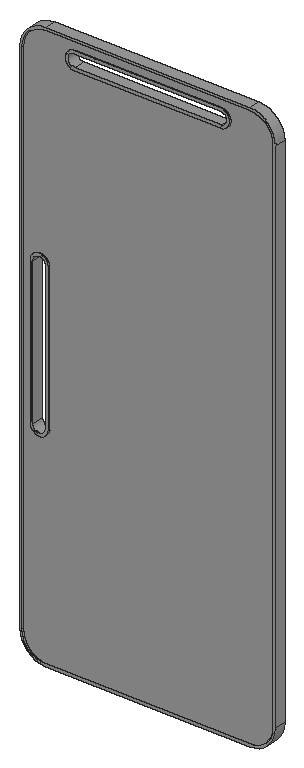
Revit family "92018", category Generic Models, Revit 2017
Family settings
  Can host rebar = No
  Round Connector Dimension = Use Diameter
  Part Type = Normal
  Work Plane-Based = No
  Always vertical = Yes
  Cut with Voids When Loaded = No
  Shared = No
  Room Calculation Point = No
Parameters
  Rubber Frame = Default
  Enamelled Steel = Default
Reference planes
  plane 1 "Center (Front/Back)": y = 0
  plane 2: z = 0
  plane 3 "Center (Left/Right)": x = 0
  plane 4: z = 1805
  plane 5: x = -402.5
  plane 6: x = 402.5
  plane 7: y = 36.4
  plane 8: y = 33.2
  plane 9: y = 3.2
  plane 10: z = 1772.5
  plane 11: z = 1715.5
  plane 12: x = -258.5
  plane 13: x = 258.5
  plane 14: x = -230
  plane 15: x = 230
  plane 16: z = 902.5
  plane 17: x = -370
  plane 18: x = -313
  plane 19: z = 1161
  plane 20: z = 1132.5
  plane 21: z = 644
  plane 22: z = 672.5
Forms (mm)
  Extrusion 1, solid, material "Default" <- "Rubber Frame"
    sketch origin (0, 0, 0) x (1, 0, 0) y (0, 0, 1)
      loop
        arc (-322.5, 1805) -> (-379.069, 1781.569) -> (-402.5, 1725) r 80
        line (-402.5, 1725) -> (-402.5, 80)
        arc (-402.5, 80) -> (-379.069, 23.431) -> (-322.5, 0) r 80
        line (-322.5, 0) -> (322.5, 0)
        arc (322.5, 0) -> (379.069, 23.431) -> (402.5, 80) r 80
        line (402.5, 80) -> (402.5, 1725)
        arc (402.5, 1725) -> (379.069, 1781.569) -> (322.5, 1805) r 80
        line (322.5, 1805) -> (-322.5, 1805)
      loop
        arc (-322.5, 1798) -> (-374.119, 1776.619) -> (-395.5, 1725) r 73
        line (-395.5, 1725) -> (-395.5, 80)
        arc (-395.5, 80) -> (-374.119, 28.381) -> (-322.5, 7) r 73
        line (-322.5, 7) -> (322.5, 7)
        arc (322.5, 7) -> (374.119, 28.381) -> (395.5, 80) r 73
        line (395.5, 80) -> (395.5, 1725)
        arc (395.5, 1725) -> (374.119, 1776.619) -> (322.5, 1798) r 73
        line (322.5, 1798) -> (-322.5, 1798)
    from -36.4 to 0
  Extrusion 2, solid, material "Default" <- "Enamelled Steel"
    sketch origin (0, 0, 0) x (1, 0, 0) y (0, 0, 1)
      loop
        line (-395.5, 1725) -> (-395.5, 80)
        arc (-395.5, 80) -> (-374.119, 28.381) -> (-322.5, 7) r 73
        line (-322.5, 7) -> (322.5, 7)
        arc (322.5, 7) -> (374.119, 28.381) -> (395.5, 80) r 73
        line (395.5, 80) -> (395.5, 1725)
        arc (395.5, 1725) -> (374.119, 1776.619) -> (322.5, 1798) r 73
        line (322.5, 1798) -> (-322.5, 1798)
        arc (-322.5, 1798) -> (-374.119, 1776.619) -> (-395.5, 1725) r 73
      loop
        arc (-230, 1772.5) -> (-258.5, 1744) -> (-230, 1715.5) r 28.5
        line (-230, 1715.5) -> (230, 1715.5)
        arc (230, 1715.5) -> (258.5, 1744) -> (230, 1772.5) r 28.5
        line (230, 1772.5) -> (-230, 1772.5)
      loop
        arc (-370, 672.5) -> (-341.5, 644) -> (-313, 672.5) r 28.5
        line (-313, 672.5) -> (-313, 1132.5)
        arc (-313, 1132.5) -> (-341.5, 1161) -> (-370, 1132.5) r 28.5
        line (-370, 1132.5) -> (-370, 672.5)
    from -33.2 to -3.2
  Extrusion 3, solid, material "Default" <- "Rubber Frame"
    sketch origin (0, 0, 0) x (1, 0, 0) y (0, 0, 1)
      loop
        line (-370, 1132.5) -> (-370, 672.5)
        arc (-370, 672.5) -> (-341.5, 644) -> (-313, 672.5) r 28.5
        line (-313, 672.5) -> (-313, 1132.5)
        arc (-313, 1132.5) -> (-341.5, 1161) -> (-370, 1132.5) r 28.5
      loop
        arc (-321.5, 1132.5) -> (-341.5, 1152.5) -> (-361.5, 1132.5) r 20
        line (-361.5, 1132.5) -> (-361.5, 672.5)
        arc (-361.5, 672.5) -> (-341.5, 652.5) -> (-321.5, 672.5) r 20
        line (-321.5, 672.5) -> (-321.5, 1132.5)
    from -36.4 to 0
  Extrusion 4, solid, material "Default" <- "Rubber Frame"
    sketch origin (0, 0, 0) x (1, 0, 0) y (0, 0, 1)
      loop
        line (-230, 1715.5) -> (230, 1715.5)
        arc (230, 1715.5) -> (258.5, 1744) -> (230, 1772.5) r 28.5
        line (230, 1772.5) -> (-230, 1772.5)
        arc (-230, 1772.5) -> (-258.5, 1744) -> (-230, 1715.5) r 28.5
      loop
        line (230, 1764) -> (-230, 1764)
        arc (-230, 1764) -> (-250, 1744) -> (-230, 1724) r 20
        line (-230, 1724) -> (230, 1724)
        arc (230, 1724) -> (250, 1744) -> (230, 1764) r 20
    from -36.4 to 0
Dimensions and locks
  aligned and locked: level to plane 2
